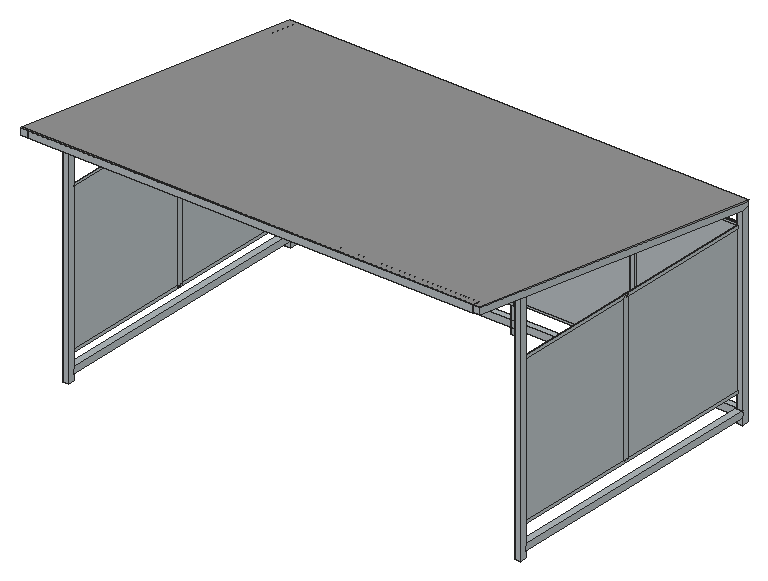
Revit family "8043683 - Nova Steel Post Straight Plastic Roof Galvanised – Sunken Foundation", category Furniture, Revit 2020
Family settings
  OmniClass Number = 23.21.23.13.15
  Work Plane-Based = No
  Always vertical = Yes
  Cut with Voids When Loaded = No
  Shared = No
  Room Calculation Point = No
Parameters (values of type "8043683 Plastic")
  Uniclass 1.4 Description = "Furniture"
  Uniclass 1.4 Code = "L8211"
  URL = "https://www.hags.com/"
  QR code = ""
  Product url = "https://www.hags.com/en-us/park-urban/bicycle-storage/nova-cycle-shed/steel-post-sunken-foundation-straight-plastic-roof-jan-2014-galvanised"
  Product name = "Steel Post Straight Plastic Roof Galvanised – Sunken Foundation"
  Product data url = ""
  Product SKU = ""
  Product Guid = "90e49432-c870-4a59-897e-b15016e8f9bd"
  OmniClass Description = ""
  OmniClass Code = "23-21 23 13 15"
  Model = "8043683"
  Manufacturer name = "HAGS"
  Manufacturer = "Hags"
  IFC Classification = "Furniture"
  Edition number = 1
  Description = "Steel Post Straight Plastic Roof Galvanised "  # constant formula
  Default Elevation = 0 mm
  Construction material = Hags - Steel - Galvanized
  Body material_90 = Hags - Steel - Mesh
  Body material = Hags - Plastic - Transparent
  BIMobject category = "bicycle-storage"
Reference planes
  plane 1 "Center (Front/Back)": y = 0
  plane 2: z = 0
  plane 3 "Center (Left/Right)": x = 0
Forms (mm)
  Extrusion 1, solid, material "Hags - Steel - Galvanized" <- "Construction material"
    sketch origin (0, 0, 0) x (1, 0, 0) y (0, 1, 0)
      loop
        line (2304.823, 1564.875) -> (2244.823, 1564.875) -> (2244.823, 1504.875) -> (2304.823, 1504.875) -> (2304.823, 1564.875)
      loop
        line (2247.823, 1561.875) -> (2247.823, 1507.875) -> (2301.823, 1507.875) -> (2301.823, 1561.875) -> (2247.823, 1561.875)
    from 0 to 1764.748
  Extrusion 2, solid, material "Hags - Steel - Galvanized" <- "Construction material"
    sketch origin (-4140, 0, 0) x (1, 0, 0) y (0, 1, 0)
      loop
        line (2304.823, 1564.875) -> (2244.823, 1564.875) -> (2244.823, 1504.875) -> (2304.823, 1504.875) -> (2304.823, 1564.875)
      loop
        line (2247.823, 1561.875) -> (2247.823, 1507.875) -> (2301.823, 1507.875) -> (2301.823, 1561.875) -> (2247.823, 1561.875)
    from 0 to 1800
  Extrusion 3, solid, material "Hags - Steel - Galvanized" <- "Construction material"
    sketch origin (0, -2540, 0) x (1, 0, 0) y (0, 1, 0)
      loop
        line (2304.823, 1564.875) -> (2244.823, 1564.875) -> (2244.823, 1504.875) -> (2304.823, 1504.875) -> (2304.823, 1564.875)
      loop
        line (2247.823, 1561.875) -> (2247.823, 1507.875) -> (2301.823, 1507.875) -> (2301.823, 1561.875) -> (2247.823, 1561.875)
    from 0 to 2200
  Extrusion 4, solid, material "Hags - Steel - Galvanized" <- "Construction material"
    sketch origin (-4140, -2540, 0) x (1, 0, 0) y (0, 1, 0)
      loop
        line (2304.823, 1564.875) -> (2244.823, 1564.875) -> (2244.823, 1504.875) -> (2304.823, 1504.875) -> (2304.823, 1564.875)
      loop
        line (2247.823, 1561.875) -> (2247.823, 1507.875) -> (2301.823, 1507.875) -> (2301.823, 1561.875) -> (2247.823, 1561.875)
    from 0 to 2200
  Extrusion 5, solid, material "Hags - Steel - Galvanized" <- "Construction material"
    sketch origin (0, 0, 1720) x (1, 0, 0) y (0, 1, 0)
      loop
        line (-1835.177, 1564.875) -> (-1835.177, 1504.875) -> (2244.823, 1504.875) -> (2244.823, 1564.875) -> (-1835.177, 1564.875)
    from 0 to 92.5
  Extrusion 6, solid, material "Hags - Steel - Galvanized" <- "Construction material"
    sketch origin (-1895, 0, 12.5) x (0, 1, 0) y (0, 0, 1)
      loop
        line (-1507.214, 2214.85) -> (1564.875, 1739.285) -> (1564.875, 1800) -> (-1507.214, 2275.565) -> (-1507.214, 2214.85)
    from -8.457 to 60
  Extrusion 7, solid, material "Hags - Steel - Galvanized" <- "Construction material"
    sketch origin (0, 0, 60) x (1, 0, 0) y (0, 1, 0)
      loop
        line (-1835.177, 1564.875) -> (-1835.177, 1504.875) -> (2244.823, 1504.875) -> (2244.823, 1564.875) -> (-1835.177, 1564.875)
    from 0 to 60
  Extrusion 8, solid, material "Hags - Steel - Galvanized" <- "Construction material"
    sketch origin (739.949, -315.401, 60) x (0, -1, 0) y (1, 0, 0)
      loop
        line (-1820.276, 1564.875) -> (-1820.276, 1504.875) -> (659.724, 1504.875) -> (659.724, 1564.875) -> (-1820.276, 1564.875)
    from 0 to 60
  Extrusion 9, solid, material "Hags - Steel - Galvanized" <- "Construction material"
    sketch origin (-3399.875, -315.401, 60) x (0, -1, 0) y (1, 0, 0)
      loop
        line (-1820.276, 1564.875) -> (-1820.276, 1504.875) -> (659.724, 1504.875) -> (659.724, 1564.875) -> (-1820.276, 1564.875)
    from 0 to 60
  Extrusion 10, solid, material "Hags - Steel - Galvanized" <- "Construction material"
    sketch origin (0.177, -3012.088, 2228.119) x (1, 0, 0) y (0, 1, 0)
      loop
        line (-1835.177, 1564.875) -> (-1835.177, 1504.875) -> (2244.823, 1504.875) -> (2244.823, 1564.875) -> (-1835.177, 1564.875)
    from 0 to 60
  Extrusion 11, solid, material "Hags - Steel - Galvanized" <- "Construction material"
    sketch origin (0.177, -2549.912, 2079.994) x (1, 0, 0) y (0, 1, 0)
      loop
        line (-1835.177, 1564.875) -> (-1835.177, 1504.875) -> (2244.823, 1504.875) -> (2244.823, 1564.875) -> (-1835.177, 1564.875)
    from 0 to 60
  Extrusion 12, solid, material "Hags - Steel - Galvanized" <- "Construction material"
    sketch origin (-2070, 0, 0) x (1, 0, 0) y (0, 1, 0)
      loop
        line (2304.823, 1564.875) -> (2244.823, 1564.875) -> (2244.823, 1504.875) -> (2304.823, 1504.875) -> (2304.823, 1564.875)
      loop
        line (2247.823, 1561.875) -> (2247.823, 1507.875) -> (2301.823, 1507.875) -> (2301.823, 1561.875) -> (2247.823, 1561.875)
    from 0 to 1764.748
  Extrusion 13, solid, material "Hags - Steel - Galvanized" <- "Construction material"
    sketch origin (2244.823, 0, 12.5) x (0, 1, 0) y (0, 0, 1)
      loop
        line (-1507.214, 2214.85) -> (1564.875, 1739.285) -> (1564.875, 1800) -> (-1507.214, 2275.565) -> (-1507.214, 2214.85)
    from -8.457 to 60
  Extrusion 14, solid, material "Hags - Steel - Galvanized" <- "Construction material"
    sketch origin (-805.059, 0, 12.5) x (0, 1, 0) y (0, 0, 1)
      loop
        line (-1500.037, 2213.739) -> (1564.875, 1739.285) -> (1564.875, 1800) -> (-1500.037, 2274.454) -> (-1500.037, 2213.739)
    from -8.457 to 60
  Extrusion 15, solid, material "Hags - Steel - Galvanized" <- "Construction material"
    sketch origin (178.632, 0, 12.5) x (0, 1, 0) y (0, 0, 1)
      loop
        line (-1500.037, 2213.739) -> (1564.875, 1739.285) -> (1564.875, 1800) -> (-1500.037, 2274.454) -> (-1500.037, 2213.739)
    from -8.457 to 60
  Extrusion 16, solid, material "Hags - Plastic - Transparent" <- "Body material"
    sketch origin (0, 0, 0) x (0, 1, 0) y (0, 0, 1)
      loop
        line (-1507.214, 2288.119) -> (1564.891, 1812.552) -> (1566.421, 1822.434) -> (-1505.684, 2298.002) -> (-1507.214, 2288.119)
    from -1895.177 to 2304.823
  Extrusion 17, solid, material "Hags - Steel - Mesh" <- "Body material_90"
    sketch origin (-1651.71, 3857.005, 0) x (1, 0, 0) y (0, 1, 0)
      loop
        line (-183.467, -2290.881) -> (-183.467, -2310.881) -> (3896.533, -2310.881) -> (3896.533, -2290.881) -> (-183.467, -2290.881)
    from 244.94 to 1615.805
  Extrusion 18, solid, material "Hags - Steel - Galvanized" <- "Construction material"
    sketch origin (-4.531, -1301.546, 0) x (1, 0, 0) y (0, 1, 0)
      loop
        line (2259.654, 1551.611) -> (2246.053, 1551.611) -> (2246.053, 1509.267) -> (2259.654, 1509.267) -> (2259.654, 1551.611)
      loop
        line (2246.877, 1549.894) -> (2246.877, 1510.412) -> (2258.818, 1510.412) -> (2258.818, 1549.894) -> (2246.877, 1549.894)
    from 244.94 to 1615.805
  Extrusion 19, solid, material "Hags - Steel - Mesh" <- "Body material_90"
    sketch origin (4555.391, 1322.158, 0) x (0, -1, 0) y (1, 0, 0)
      loop
        line (-183.467, -2304.42) -> (-183.467, -2310.881) -> (2297.283, -2310.881) -> (2297.283, -2304.42) -> (-183.467, -2304.42)
    from 244.94 to 1615.805
  Extrusion 20, solid, material "Hags - Steel - Galvanized" <- "Construction material"
    sketch origin (-4.531, 1214.578, -1277.879) x (1, 0, 0) y (0, 0, 1)
      loop
        line (2259.654, 1540.083) -> (2246.053, 1540.083) -> (2246.053, 1521.421) -> (2259.654, 1521.421) -> (2259.654, 1540.083)
      loop
        line (2246.877, 1539.364) -> (2246.877, 1522.187) -> (2258.818, 1522.187) -> (2258.818, 1539.364) -> (2246.877, 1539.364)
    from -293.296 to 2189.704
  Extrusion 21, solid, material "Hags - Steel - Galvanized" <- "Construction material"
    sketch origin (-4.531, 1209.704, 78.371) x (1, 0, 0) y (0, 0, 1)
      loop
        line (2259.654, 1540.083) -> (2246.053, 1540.083) -> (2246.053, 1521.421) -> (2259.654, 1521.421) -> (2259.654, 1540.083)
      loop
        line (2246.877, 1539.364) -> (2246.877, 1522.187) -> (2258.818, 1522.187) -> (2258.818, 1539.364) -> (2246.877, 1539.364)
    from -293.296 to 2189.704
  Extrusion 22, solid, material "Hags - Steel - Galvanized" <- "Construction material"
    sketch origin (-4093.553, -1301.546, 0) x (1, 0, 0) y (0, 1, 0)
      loop
        line (2259.654, 1551.611) -> (2246.053, 1551.611) -> (2246.053, 1509.267) -> (2259.654, 1509.267) -> (2259.654, 1551.611)
      loop
        line (2246.877, 1549.894) -> (2246.877, 1510.412) -> (2258.818, 1510.412) -> (2258.818, 1549.894) -> (2246.877, 1549.894)
    from 244.94 to 1615.805
  Extrusion 23, solid, material "Hags - Steel - Mesh" <- "Body material_90"
    sketch origin (466.369, 1322.158, 0) x (0, -1, 0) y (1, 0, 0)
      loop
        line (-183.467, -2304.42) -> (-183.467, -2310.881) -> (2297.283, -2310.881) -> (2297.283, -2304.42) -> (-183.467, -2304.42)
    from 244.94 to 1615.805
  Extrusion 24, solid, material "Hags - Steel - Galvanized" <- "Construction material"
    sketch origin (-4093.553, 1214.578, -1277.879) x (1, 0, 0) y (0, 0, 1)
      loop
        line (2259.654, 1540.083) -> (2246.053, 1540.083) -> (2246.053, 1521.421) -> (2259.654, 1521.421) -> (2259.654, 1540.083)
      loop
        line (2246.877, 1539.364) -> (2246.877, 1522.187) -> (2258.818, 1522.187) -> (2258.818, 1539.364) -> (2246.877, 1539.364)
    from -293.296 to 2189.704
  Extrusion 25, solid, material "Hags - Steel - Galvanized" <- "Construction material"
    sketch origin (-4093.553, 1209.704, 78.371) x (1, 0, 0) y (0, 0, 1)
      loop
        line (2259.654, 1540.083) -> (2246.053, 1540.083) -> (2246.053, 1521.421) -> (2259.654, 1521.421) -> (2259.654, 1540.083)
      loop
        line (2246.877, 1539.364) -> (2246.877, 1522.187) -> (2258.818, 1522.187) -> (2258.818, 1539.364) -> (2246.877, 1539.364)
    from -293.296 to 2189.704
  Extrusion 26, solid, material "Hags - Steel - Galvanized" <- "Construction material"
    sketch origin (-265.062, 3797.327, 0) x (0, -1, 0) y (1, 0, 0)
      loop
        line (2259.654, 1551.611) -> (2246.053, 1551.611) -> (2246.053, 1509.267) -> (2259.654, 1509.267) -> (2259.654, 1551.611)
      loop
        line (2246.877, 1549.894) -> (2246.877, 1510.412) -> (2258.818, 1510.412) -> (2258.818, 1549.894) -> (2246.877, 1549.894)
    from 244.94 to 1615.805
  Extrusion 27, solid, material "Hags - Steel - Galvanized" <- "Construction material"
    sketch origin (2251.062, 3797.327, -1277.879) x (0, -1, 0) y (0, 0, 1)
      loop
        line (2259.654, 1540.083) -> (2246.053, 1540.083) -> (2246.053, 1521.421) -> (2259.654, 1521.421) -> (2259.654, 1540.083)
      loop
        line (2246.877, 1539.364) -> (2246.877, 1522.187) -> (2258.818, 1522.187) -> (2258.818, 1539.364) -> (2246.877, 1539.364)
    from 9.54 to 2019.239
  Extrusion 28, solid, material "Hags - Steel - Galvanized" <- "Construction material"
    sketch origin (2246.188, 3797.327, 78.371) x (0, -1, 0) y (0, 0, 1)
      loop
        line (2259.654, 1540.083) -> (2246.053, 1540.083) -> (2246.053, 1521.421) -> (2259.654, 1521.421) -> (2259.654, 1540.083)
      loop
        line (2246.877, 1539.364) -> (2246.877, 1522.187) -> (2258.818, 1522.187) -> (2258.818, 1539.364) -> (2246.877, 1539.364)
    from 9.822 to 2011.365
  Extrusion 29, solid, material "Hags - Steel - Galvanized" <- "Construction material"
    sketch origin (1240, 0.037, 12.5) x (0, 1, 0) y (0, 0, 1)
      loop
        line (-1500.037, 2213.739) -> (1564.875, 1739.285) -> (1564.875, 1800) -> (-1500.037, 2274.454) -> (-1500.037, 2213.739)
    from -8.457 to 60
  Extrusion 30, solid, material "Hags - Steel - Galvanized" <- "Construction material"
    sketch origin (-2330.785, 3797.327, 0) x (0, -1, 0) y (1, 0, 0)
      loop
        line (2259.654, 1551.611) -> (2246.053, 1551.611) -> (2246.053, 1509.267) -> (2259.654, 1509.267) -> (2259.654, 1551.611)
      loop
        line (2246.877, 1549.894) -> (2246.877, 1510.412) -> (2258.818, 1510.412) -> (2258.818, 1549.894) -> (2246.877, 1549.894)
    from 244.94 to 1615.805
  Extrusion 31, solid, material "Hags - Steel - Galvanized" <- "Construction material"
    sketch origin (185.34, 3797.327, -1277.879) x (0, -1, 0) y (0, 0, 1)
      loop
        line (2259.654, 1540.083) -> (2246.053, 1540.083) -> (2246.053, 1521.421) -> (2259.654, 1521.421) -> (2259.654, 1540.083)
      loop
        line (2246.877, 1539.364) -> (2246.877, 1522.187) -> (2258.818, 1522.187) -> (2258.818, 1539.364) -> (2246.877, 1539.364)
    from 9.54 to 2019.239
  Extrusion 32, solid, material "Hags - Steel - Galvanized" <- "Construction material"
    sketch origin (180.465, 3797.327, 78.371) x (0, -1, 0) y (0, 0, 1)
      loop
        line (2259.654, 1540.083) -> (2246.053, 1540.083) -> (2246.053, 1521.421) -> (2259.654, 1521.421) -> (2259.654, 1540.083)
      loop
        line (2246.877, 1539.364) -> (2246.877, 1522.187) -> (2258.818, 1522.187) -> (2258.818, 1539.364) -> (2246.877, 1539.364)
    from 9.822 to 2011.365
Dimensions and locks
  aligned and locked: level to plane 2
